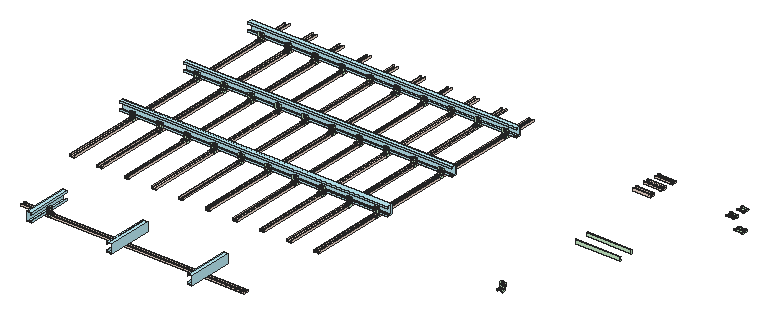
Revit family "adjust-soeru_c100", category 機械設備, Revit 2022
Family settings
  丸型コネクタ寸法 = 直径を使用
  種別 = なし
  パーツ タイプ = 標準
  作業面ベース = いいえ
  常に垂直 = はい
  ロード時にボイドで切り取り = いいえ
  注釈の向きを維持 = いいえ
  共有 = いいえ
  部屋計算ポイント = いいえ
Parameters
  製造元 = "株式会社桐井製作所"
  既定の高さ = 0 mm
  URL = "https://www.kirii.co.jp/"
  K_名称 = "KIRIIアジャストソエル（C100用）"
  K_バージョン情報 = "20240321"
Reference planes
  plane 1 "中心(正面/背面)": y = 0
  plane 2: z = 0
  plane 3 "中心(左/右)": x = 0
  plane 4: z = 19
Lines and regions (mm)
  model lines
    curve 1: line (3467.807, 3284.555, 0) -> (5693.268, 3284.555, 0)
    curve 2: line (5693.268, 2254.555, 0) -> (3467.807, 2254.555, 0)
    curve 3: line (3467.807, 3284.555, 0) -> (3467.807, 2254.555, 0)
    curve 4: line (3467.807, 2054.555, 0) -> (5217.807, 2054.555, 0)
    curve 5: line (5217.807, 1024.555, 0) -> (3467.807, 1024.555, 0)
    curve 6: line (3467.807, 2054.555, 0) -> (3467.807, 1024.555, 0)
    curve 7: line (5217.807, 2054.555, 0) -> (5217.807, 1024.555, 0)
    curve 8: line (3267.807, -1455.445, 0) -> (-432.193, -1455.445, 0)
    curve 9: line (-432.193, -425.445, 0) -> (-432.193, -1455.445, 0)
    curve 10: line (3267.807, -425.445, 0) -> (3267.807, -1455.445, 0)
    curve 11: line (3467.807, 824.555, 0) -> (5217.807, 824.555, 0)
    curve 12: line (5217.807, -205.445, 0) -> (3467.807, -205.445, 0)
    curve 13: line (3467.807, 824.555, 0) -> (3467.807, -205.445, 0)
    curve 14: line (5217.807, 824.555, 0) -> (5217.807, -205.445, 0)
    curve 15: line (5417.807, 2054.555, 0) -> (7167.807, 2054.555, 0)
    curve 16: line (7167.807, 1024.555, 0) -> (5417.807, 1024.555, 0)
    curve 17: line (5417.807, 2054.555, 0) -> (5417.807, 1024.555, 0)
    curve 18: line (7167.807, 2054.555, 0) -> (7167.807, 1024.555, 0)
    curve 19: line (5693.268, 3284.555, 0) -> (5693.268, 2254.555, 0)
    curve 20: line (-432.193, -425.445, -24.89) -> (3267.807, -425.445, -24.89)
Text (mm)
  text "アジャストソエル(支持構造部：C100×50×20×2.3)\n※『天井下地強度検討書(アジャストソエル)』の計算結果を参照し、天井仕様に反映下さい。" at (-488.376, 3567.466, 0), in view "{3D}"
  text "ジョイント等の施工規定については、施工要領書をご確認ください。\n●URL：アジャストソエル\nhttps://www.kirii.co.jp/download/dw/sekou/sekou_adjust-soeru.pdf" at (5569.627, -1592.172, 0), in view "{3D}"
  text "クリップ" at (3607.293, 687.828, 0), in view "{3D}"
  text "・アジャストソエル" at (3707.619, 505.328, 0), in view "{3D}"
  text "セルフドリリングビス" at (5557.293, 1917.828, 0), in view "{3D}"
  text "・KIRII耐震ビス\n（4.2×16)" at (5657.619, 1735.328, 0), in view "{3D}"
  text "補強野縁受け" at (3607.293, 1917.828, 0), in view "{3D}"
  text "・CC-19" at (3707.619, 1735.328, 0), in view "{3D}"
  text "・CC-25" at (3707.619, 1575.328, 0), in view "{3D}"
  text "野縁および使用するジョイント" at (3607.293, 3147.828, 0), in view "{3D}"
  text "隣り合うジョイント位置は1ｍ以上離して千鳥状に配置する。" at (3707.619, 2355.395, -0.101), in view "{3D}"
  text "・CW-25" at (3707.619, 2814.31, -0.101), in view "{3D}"
  text "・CW-19" at (3707.619, 2964.31, -0.101), in view "{3D}"
  text "・25型Wバー（0.8）" at (3707.619, 2663.06, -0.101), in view "{3D}"
  text "+CW-25用ジョイント" at (4627.619, 2814.31, -0.101), in view "{3D}"
  text "+CW-19用ジョイント" at (4627.619, 2964.31, -0.101), in view "{3D}"
  text "+25型Wバー（0.8）ジョイント" at (4627.619, 2663.06, -0.101), in view "{3D}"
  text "壁際の納まり" at (-273.195, -486.515, -4669.576), in view "{3D}"
  text "壁際の支持構造部は、C鋼の腹側が室内側を向くように配置する" at (-270.648, -1339.605, 5.03), in view "{3D}"
  text "壁際" at (91.852, -899.69, 5.03), in view "{3D}"
  text "・KIRII耐震ビス\n（4.8×25)" at (5657.619, 1515.328, 0), in view "{3D}"
  text "壁際の納まり" at (-273.195, -486.515, -29.573), in view "{3D}"
Dimensions and locks
  aligned and locked: level to plane 2
Nested families
  nested 1: "CW-19" at (68.432, 0, 0) x (0, 1, 0) z (0, 0, 1), type "CW-19"
    with K_長さ(mm) 3000 mm, K_JIS外 no, K_JIS yes
  nested 2: "CW-19" at (371.432, 0, 0) x (0, 1, 0) z (0, 0, 1), type "CW-19"
    with K_長さ(mm) 3000 mm, K_JIS外 no, K_JIS yes
  nested 3: "CW-19" at (674.432, 0, 0) x (0, 1, 0) z (0, 0, 1), type "CW-19"
    with K_長さ(mm) 3000 mm, K_JIS外 no, K_JIS yes
  nested 4: "CW-19" at (977.432, 0, 0) x (0, 1, 0) z (0, 0, 1), type "CW-19"
    with K_長さ(mm) 3000 mm, K_JIS外 no, K_JIS yes
  nested 5: "CW-19" at (1280.432, 0, 0) x (0, 1, 0) z (0, 0, 1), type "CW-19"
    with K_長さ(mm) 3000 mm, K_JIS外 no, K_JIS yes
  nested 6: "CW-19" at (1583.432, 0, 0) x (0, 1, 0) z (0, 0, 1), type "CW-19"
    with K_長さ(mm) 3000 mm, K_JIS外 no, K_JIS yes
  nested 7: "CW-19" at (1886.432, 0, 0) x (0, 1, 0) z (0, 0, 1), type "CW-19"
    with K_長さ(mm) 3000 mm, K_JIS外 no, K_JIS yes
  nested 8: "CW-19" at (2189.432, 0, 0) x (0, 1, 0) z (0, 0, 1), type "CW-19"
    with K_長さ(mm) 3000 mm, K_JIS外 no, K_JIS yes
  nested 9: "CW-19" at (2492.432, 0, 0) x (0, 1, 0) z (0, 0, 1), type "CW-19"
    with K_長さ(mm) 3000 mm, K_JIS外 no, K_JIS yes
  nested 10: "CW-19" at (2795.432, 0, 0) x (0, 1, 0) z (0, 0, 1), type "CW-19"
    with K_長さ(mm) 3000 mm, K_JIS外 no, K_JIS yes
  nested 11: "アジャストソエル" at (68.434, 2635.158, 22.55), type "アジャストソエル"
  nested 12: "アジャストソエル" at (371.434, 2635.158, 22.55), type "アジャストソエル"
  nested 13: "アジャストソエル" at (674.434, 2635.158, 22.55), type "アジャストソエル"
  nested 14: "アジャストソエル" at (977.434, 2635.158, 22.55), type "アジャストソエル"
  nested 15: "アジャストソエル" at (1280.434, 2635.158, 22.55), type "アジャストソエル"
  nested 16: "アジャストソエル" at (1583.434, 2635.158, 22.55), type "アジャストソエル"
  nested 17: "アジャストソエル" at (1886.434, 2635.158, 22.55), type "アジャストソエル"
  nested 18: "アジャストソエル" at (2189.434, 2635.158, 22.55), type "アジャストソエル"
  nested 19: "アジャストソエル" at (2492.434, 2635.158, 22.55), type "アジャストソエル"
  nested 20: "アジャストソエル" at (2795.434, 2635.158, 22.55), type "アジャストソエル"
  nested 21: "アジャストソエル" at (68.434, 1735.161, 22.55), type "アジャストソエル"
  nested 22: "アジャストソエル" at (371.434, 1735.161, 22.55), type "アジャストソエル"
  nested 23: "アジャストソエル" at (674.434, 1735.161, 22.55), type "アジャストソエル"
  nested 24: "アジャストソエル" at (977.434, 1735.161, 22.55), type "アジャストソエル"
  nested 25: "アジャストソエル" at (1280.434, 1735.161, 22.55), type "アジャストソエル"
  nested 26: "アジャストソエル" at (1583.434, 1735.161, 22.55), type "アジャストソエル"
  nested 27: "アジャストソエル" at (1886.434, 1735.161, 22.55), type "アジャストソエル"
  nested 28: "アジャストソエル" at (2189.434, 1735.161, 22.55), type "アジャストソエル"
  nested 29: "アジャストソエル" at (2492.434, 1735.161, 22.55), type "アジャストソエル"
  nested 30: "アジャストソエル" at (2795.434, 1735.161, 22.55), type "アジャストソエル"
  nested 31: "アジャストソエル" at (68.434, 837.961, 22.55), type "アジャストソエル"
  nested 32: "アジャストソエル" at (371.434, 837.961, 22.55), type "アジャストソエル"
  nested 33: "アジャストソエル" at (674.434, 837.961, 22.55), type "アジャストソエル"
  nested 34: "アジャストソエル" at (977.434, 837.961, 22.55), type "アジャストソエル"
  nested 35: "アジャストソエル" at (1280.434, 837.961, 22.55), type "アジャストソエル"
  nested 36: "アジャストソエル" at (1583.434, 837.961, 22.55), type "アジャストソエル"
  nested 37: "アジャストソエル" at (1886.434, 837.961, 22.55), type "アジャストソエル"
  nested 38: "アジャストソエル" at (2189.434, 837.961, 22.55), type "アジャストソエル"
  nested 39: "アジャストソエル" at (2492.434, 837.961, 22.55), type "アジャストソエル"
  nested 40: "アジャストソエル" at (2795.434, 837.961, 22.55), type "アジャストソエル"
  nested 41: "(JIS)100×50×20×2.3" at (-82.193, 2691.54, 135) x (0, -1, 0) z (1, 0, 0), type "(JIS)100×50×20×2.3"
    with K_長さ(mm) 3000 mm
  nested 42: "(JIS)100×50×20×2.3" at (-82.193, 1791.543, 135) x (0, -1, 0) z (1, 0, 0), type "(JIS)100×50×20×2.3"
    with K_長さ(mm) 3000 mm
  nested 43: "(JIS)100×50×20×2.3" at (-82.193, 894.343, 135) x (0, -1, 0) z (1, 0, 0), type "(JIS)100×50×20×2.3"
    with K_長さ(mm) 3000 mm
  nested 44: "CC-19" at (4954.307, 1698.555, 0) x (0, 1, 0) z (0, 0, 1), type "CC-19"
    with K_長さ(mm) 500 mm
  nested 45: "CC-25" at (4957.3, 1538.776, 0) x (0, 1, 0) z (0, 0, 1), type "CC-25"
    with K_長さ(mm) 500 mm
  nested 46: "CW-19用ジョイント" at (5227.658, 2913.211, 0), type "CW-19用ジョイント"
    with K_JIS外 no, K_JIS yes
  nested 47: "CW-25用ジョイント" at (5228.587, 2764.406, 0), type "CW-25用ジョイント"
    with K_JIS外 no, K_JIS yes
  nested 48: "CW-19" at (4262.587, 2912.277, 0), type "CW-19"
    with K_長さ(mm) 200 mm, K_JIS外 no, K_JIS yes
  nested 49: "CW-25" at (4262.587, 2764.406, 0), type "CW-25"
    with K_長さ(mm) 200 mm, K_JIS外 no, K_JIS yes
  nested 50: "25形Wバー(0.8)" at (4257.807, 2614.555, 0), type "25形Wバー(0.8)"
    with K_長さ(mm) 200 mm
  nested 51: "25形Wバー(0.8）ジョイント" at (5437.807, 2609.555, 0), type "25形Wバー(0.8）ジョイント"
  nested 52: "CW-19" at (257.807, -939.063, 0), type "CW-19"
    with K_長さ(mm) 2500 mm, K_JIS外 no, K_JIS yes
  nested 53: "アジャストソエル" at (2298.621, -939.065, 22.55) x (0, -1, 0) z (0, 0, 1), type "アジャストソエル"
  nested 54: "アジャストソエル" at (1398.625, -939.065, 22.55) x (0, -1, 0) z (0, 0, 1), type "アジャストソエル"
  nested 55: "(JIS)100×50×20×2.3" at (2355.003, -683.438, 135) x (-1, 0, 0) z (0, -1, 0), type "(JIS)100×50×20×2.3"
    with K_長さ(mm) 500 mm
  nested 56: "(JIS)100×50×20×2.3" at (1455.007, -683.438, 135) x (-1, 0, 0) z (0, -1, 0), type "(JIS)100×50×20×2.3"
    with K_長さ(mm) 500 mm
  nested 57: "アジャストソエル" at (564.189, -939.065, 22.55) x (0, -1, 0) z (0, 0, 1), type "アジャストソエル"
  nested 58: "(JIS)100×50×20×2.3" at (507.807, -683.438, 135) x (1, 0, 0) z (0, -1, 0), type "(JIS)100×50×20×2.3"
    with K_長さ(mm) 500 mm
  nested 59: "アジャストソエル" at (4484.528, 490.366, 22.55), type "アジャストソエル"
Definition of nested family "CW-19"
  Parameters (values of type "CW-19")
    Manufacturer = "株式会社桐井製作所"
    Default Elevation = 0 mm
    URL = "https://www.kirii.co.jp/"
    K_長さ(mm) [instance] = 1000 mm
    K_材質 = "SGCC　一般用"
    K_断面積A(mm2) = 49
    K_断面係数Zy(mm3) = 768.8
    K_断面係数Zx(mm3) = 184.8
    K_断面2次半径iy(mm) = 19.8
    K_断面2次半径ix(mm) = 7
    K_断面2次モーメントIy(mm4) = 19220
    K_断面2次モーメントIx(mm4) = 2395
    K_外形寸法(mm) = "19×50×0.5"
    K_品名 = "CW-19"
    K_名称 = "野縁"
    K_単位質量(kg/m) = 0.403
    K_ヤング係数E(N/mm2) = 205000
    K_バージョン情報 = "20210524"
    K_めっき付着量 = "Z12"
    K_JIS規格 = "JIS G 3302"
    K_JIS外 [instance] = not(K_JIS)  # no
    K_JIS [instance] = yes
  Reference planes
    plane 1 "中心(正面/背面)": y = 0
    plane 2: z = 0
    plane 3 "中心(左/右)": x = 0
    plane 4: x = 1000
    plane 5: y = 25
    plane 6: y = -25
    plane 7: z = 19
  Forms (mm)
    Extrusion 1, solid
      sketch origin (0, 0, 0) x (0, -1, 0) y (0, 0, 1)
        loop
          line (-25, 0) -> (-20.2, 0) -> (-19.052, 0.5) -> (-11.148, 0.5) -> (-10, 0) -> (10, 0) -> (11.148, 0.5) -> (19.052, 0.5) -> (20.2, 0) -> (25, 0) -> (25, 19) -> (21, 19) -> (21, 16.246) -> (21.5, 15.532) -> (21.5, 18.5) -> (24.5, 18.5) -> (24.5, 0.5) -> (20.304, 0.5) -> (19.156, 1) -> (11.044, 1) -> (9.896, 0.5) -> (-9.896, 0.5) -> (-11.044, 1) -> (-19.156, 1) -> (-20.304, 0.5) -> (-24.5, 0.5) -> (-24.5, 18.5) -> (-21.5, 18.5) -> (-21.5, 15.532) -> (-21, 16.246) -> (-21, 19) -> (-25, 19) -> (-25, 0)
      from 0 to -1000
    Extrusion 2, void
      sketch origin (0, 0, 0) x (0, 1, 0) y (0, 0, 1)
        loop
          line (-21.893, 16.282) -> (-21.893, 14.539) -> (22.033, 14.539) -> (22.033, 16.282) -> (-21.893, 16.282)
      from 0 to 1000
  Cuts and joins
    Extrusion 2 cuts Extrusion 1
  Dimensions and locks
    "K_長さ(mm)": plane 3 "中心(左/右)" to plane 4
    aligned and locked: level to plane 2
    aligned and locked: plane 4 to Extrusion 1
    aligned and locked: Extrusion 1 to Extrusion 2
    aligned and locked: Extrusion 2 to plane 3 "中心(左/右)"
  Automatic sketch dimensions
    plane 6 to Extrusion 2 sketch curve = 3.107 mm
    Extrusion 2 sketch curve to plane 5 = 2.967 mm
    Extrusion 2 sketch curve to Extrusion 2 sketch curve = 1.744 mm
    Extrusion 2 sketch curve to plane 7 = 4.461 mm
    Extrusion 1 sketch curve to level = 0 mm  (x3)
    Extrusion 1 sketch curve to plane 5 = 0 mm
    Extrusion 1 sketch curve to plane 6 = 0 mm
    Extrusion 1 sketch curve to plane 5 = 0.5 mm
    Extrusion 1 sketch curve to plane 5 = 3.5 mm
    Extrusion 1 sketch curve to Extrusion 1 sketch curve = 0.5 mm  (x2)
    level to Extrusion 1 sketch curve = 0.5 mm  (x5)
    Extrusion 1 sketch curve to Extrusion 1 sketch curve = 4.196 mm
    Extrusion 1 sketch curve to Extrusion 1 sketch curve = 0.104 mm  (x8)
    level to Extrusion 1 sketch curve = 1 mm  (x2)
    Extrusion 1 sketch curve to Extrusion 1 sketch curve = 1.148 mm  (x4)
    Extrusion 1 sketch curve to Extrusion 1 sketch curve = 7.903 mm
    plane 1 "中心(正面/背面)" to Extrusion 1 sketch curve = 9.896 mm
    plane 6 to Extrusion 1 sketch curve = 5.948 mm
    plane 6 to Extrusion 1 sketch curve = 4 mm
    plane 6 to Extrusion 1 sketch curve = 0.5 mm
    Extrusion 1 sketch curve to plane 7 = 3.468 mm  (x2)
    Extrusion 1 sketch curve to Extrusion 1 sketch curve = 0.714 mm  (x2)
    Extrusion 1 sketch curve to plane 7 = 0.5 mm  (x2)
    Extrusion 1 sketch curve to plane 7 = 0 mm  (x2)
Definition of nested family "アジャストソエル"
  Parameters (values of type "アジャストソエル")
    Manufacturer = "株式会社桐井製作所"
    Default Elevation = 0 mm
    URL = "https://www.kirii.co.jp/"
    K_許容荷重(鉛直)(N) = 1100
    K_許容荷重(水平)(N) = 370
    K_品名 = "アジャストソエル"
    K_名称 = "野縁直付天井用クリップ"
    K_入数 = "50"
    K_バージョン情報 = "20211216"
  Reference planes
    plane 1 "中心(正面/背面)": y = 0
    plane 2: z = 0
    plane 3 "中心(左/右)": x = 0
  Forms (mm)
    Extrusion 1, solid
      sketch origin (0, 0, 0) x (0, 1, 0) y (0, 0, 1)
        loop
          arc (-1.7, -2.3) -> (1.128, -1.128) -> (2.3, 1.7) r 4
          line (2.3, 1.7) -> (2.3, 62.7) -> (0, 62.7) -> (0, 1.7)
          arc (0, 1.7) -> (-0.498, 0.498) -> (-1.7, 0) r 1.7
          line (-1.7, 0) -> (-42, 0) -> (-42, -2.3) -> (-1.7, -2.3)
      from -25 to 25
    Extrusion 2, solid
      sketch origin (0, 0, -2.3) x (1, 0, 0) y (0, 0, 1)
        loop
          line (-25.25, -17.7) -> (-25.25, 0) -> (25.25, 0) -> (25.25, -17.7) -> (27.55, -17.7) -> (27.55, -0.2)
          arc (27.55, -0.2) -> (26.818, 1.568) -> (25.05, 2.3) r 2.5
          line (25.05, 2.3) -> (-25.05, 2.3)
          arc (-25.05, 2.3) -> (-26.818, 1.568) -> (-27.55, -0.2) r 2.5
          line (-27.55, -0.2) -> (-27.55, -17.7) -> (-25.25, -17.7)
      from 2 to 42
    Extrusion 3, void
      sketch origin (0, 0, 0) x (1, 0, 0) y (0, 0, 1)
        loop
          line (-22.045, 62.7) -> (-25, 62.7) -> (-25, 59.7)
          arc (-25, 59.7) -> (-24.137, 61.806) -> (-22.045, 62.7) r 3
      from -2.3 to 0
    Extrusion 4, void
      sketch origin (0, 0, 0) x (1, 0, 0) y (0, 0, 1)
        loop
          line (25, 59.7) -> (25, 62.7) -> (22, 62.7)
          arc (22, 62.7) -> (24.121, 61.821) -> (25, 59.7) r 3
      from -2.3 to 0
    Extrusion 5, void
      sketch origin (0, 0, 0) x (1, 0, 0) y (0, 0, 1)
        loop
          arc (3.251, 52.698) -> (0.001, 55.948) -> (-3.249, 52.698) r 3.25
          line (-3.249, 52.698) -> (-3.249, 37.697)
          arc (-3.249, 37.697) -> (-0.05, 34.448) -> (3.251, 37.593) r 3.25
          line (3.251, 37.593) -> (3.251, 52.698)
        loop
          circle (0.004, 25.698) r 2.25
        loop
          circle (0.005, 12.698) r 2.25
      from -2.3 to 0
    Extrusion 6, void
      sketch origin (52.8, 0, 0) x (0, 1, 0) y (0, 0, 1)
        loop
          line (-42, -10) -> (-42, -20) -> (-32, -20) -> (-42, -10)
      from -27.55 to -25.25
    Extrusion 7, void
      sketch origin (52.8, 0, 0) x (0, 1, 0) y (0, 0, 1)
        loop
          line (-2, -20) -> (-2, -17)
          arc (-2, -17) -> (-2.879, -19.121) -> (-5, -20) r 3
          line (-5, -20) -> (-2, -20)
      from -27.55 to -25.25
    Extrusion 8, void
      sketch origin (0, 0, 0) x (0, 1, 0) y (0, 0, 1)
        loop
          line (-42, -10) -> (-42, -20) -> (-32, -20) -> (-42, -10)
      from -27.55 to -25.25
    Extrusion 9, void
      sketch origin (0, 0, 0) x (0, 1, 0) y (0, 0, 1)
        loop
          line (-2, -20) -> (-2, -17)
          arc (-2, -17) -> (-2.879, -19.121) -> (-5, -20) r 3
          line (-5, -20) -> (-2, -20)
      from -27.55 to -25.25
    Extrusion 10, void
      sketch origin (0, 0, 0) x (0, 1, 0) y (0, 0, 1)
        loop
          circle (-12, -9.1) r 2.25
      from -27.55 to -25.25
    Extrusion 11, void
      sketch origin (52.8, 0, 0) x (0, 1, 0) y (0, 0, 1)
        loop
          circle (-12, -9.1) r 2.25
      from -27.55 to -25.25
    Extrusion 12, void
      sketch origin (0, 0, 0) x (1, 0, 0) y (0, 1, 0)
        loop
          circle (0, -22) r 3.5
      from -2.3 to 0
    Extrusion 13, solid
      sketch origin (-152.832, -91.241, 38.712) x (1, 0, 0) y (0, 1, 0)
        loop
          arc (127.931, 97.991) -> (125.669, 97.053) -> (124.731, 94.791) r 3.2
          line (124.731, 94.791) -> (124.731, 84.49) -> (126.331, 84.49) -> (126.331, 94.791)
          arc (126.331, 94.791) -> (126.8, 95.922) -> (127.931, 96.391) r 1.6
          line (127.931, 96.391) -> (177.731, 96.391)
          arc (177.731, 96.391) -> (178.863, 95.922) -> (179.331, 94.791) r 1.6
          line (179.331, 94.791) -> (179.331, 84.49) -> (180.931, 84.49) -> (180.931, 94.791)
          arc (180.931, 94.791) -> (179.994, 97.053) -> (177.731, 97.991) r 3.2
          line (177.731, 97.991) -> (127.931, 97.991)
      from -22 to 22
    Extrusion 14, void
      sketch origin (-152.832, 0, 0) x (1, 0, 0) y (0, 0, 1)
        loop
          line (179.331, 35.912) -> (126.331, 35.912) -> (126.331, 16.712) -> (179.331, 16.712) -> (179.331, 35.912)
      from -6.75 to -5.15
    Extrusion 15, solid
      sketch origin (-152.832, 0, 0) x (1, 0, 0) y (0, 0, 1)
        loop
          circle (152.832, 52.715) r 4
        loop
          circle (152.832, 52.715) r 3
      from -7.95 to -5.15
    Extrusion 16, void
      sketch origin (-152.832, 0, 0) x (1, 0, 0) y (0, 0, 1)
        loop
          circle (152.832, 52.715) r 3
      from -6.75 to -5.15
    Extrusion 17, solid
      sketch origin (-0.019, -22.149, 103.153) x (1, 0, 0) y (0, 0, 1)
        loop
          arc (-18.445, -106.391) -> (-18.933, -106.494) -> (-19.329, -106.797) r 1.133
          line (-19.329, -106.797) -> (-19.911, -107.458)
          arc (-19.911, -107.458) -> (-20.243, -107.711) -> (-20.65, -107.801) r 0.967
          arc (-20.65, -107.801) -> (-21.066, -107.676) -> (-21.343, -107.342) r 0.753
          line (-21.343, -107.342) -> (-22.508, -104.601) -> (-23.583, -105.138) -> (-22.448, -107.811)
          arc (-22.448, -107.811) -> (-21.728, -108.677) -> (-20.65, -109.001) r 1.953
          arc (-20.65, -109.001) -> (-19.744, -108.802) -> (-19.004, -108.243) r 2.167
          line (-19.004, -108.243) -> (-18.429, -107.591) -> (18.47, -107.591) -> (19.042, -108.239)
          arc (19.042, -108.239) -> (19.782, -108.798) -> (20.688, -108.996) r 2.167
          arc (20.688, -108.996) -> (21.766, -108.672) -> (22.485, -107.806) r 1.953
          line (22.485, -107.806) -> (23.621, -105.132) -> (22.545, -104.596) -> (21.381, -107.337)
          arc (21.381, -107.337) -> (21.103, -107.671) -> (20.688, -107.796) r 0.753
          arc (20.688, -107.796) -> (20.281, -107.706) -> (19.949, -107.453) r 0.967
          line (19.949, -107.453) -> (19.367, -106.793)
          arc (19.367, -106.793) -> (18.932, -106.473) -> (18.399, -106.391) r 1.133
          line (18.399, -106.391) -> (-18.445, -106.391)
      from -17.649 to 17.351
    Extrusion 18, void
      sketch origin (0, 182.851, 103.153) x (1, 0, 0) y (0, 1, 0)
        loop
          line (19.556, -207.85) -> (0, -222.351) -> (23.602, -222.351) -> (23.602, -199.817)
          arc (23.602, -199.817) -> (22.532, -204.314) -> (19.556, -207.85) r 10
        loop
          line (-19.556, -201.853) -> (0, -187.351) -> (-23.602, -187.351) -> (-23.602, -209.885)
          arc (-23.602, -209.885) -> (-22.532, -205.389) -> (-19.556, -201.853) r 10
      from -109.407 to -104.239
    Extrusion 19, void
      sketch origin (0, 182.851, 104.091) x (1, 0, 0) y (0, 1, 0)
        loop
          circle (0, -204.851) r 3
      from -107.586 to -106.386
    Extrusion 20, solid
      sketch origin (-152.832, 0, 0) x (0, 1, 0) y (0, 0, 1)
        loop
          arc (8.35, 34.3) -> (7.219, 34.769) -> (6.75, 35.9) r 1.6
          line (6.75, 35.9) -> (6.75, 60.712) -> (5.15, 60.712) -> (5.15, 35.9)
          arc (5.15, 35.9) -> (5.579, 34.3) -> (6.75, 33.129) r 3.2
          arc (6.75, 33.129) -> (7.668, 32.774) -> (8.65, 32.714) r 3.2
          line (8.65, 32.714) -> (8.65, 19.1) -> (10.25, 19.1) -> (10.25, 32.3)
          arc (10.25, 32.3) -> (9.664, 33.714) -> (8.25, 34.3) r 2
      from 127.934 to 177.598
    Extrusion 21, void
      sketch origin (0, 0, 0) x (1, 0, 0) y (0, 0, 1)
        loop
          line (3.5, 19.1) -> (3.5, 35.912) -> (-3.5, 35.912) -> (-3.5, 19.1) -> (3.5, 19.1)
      from -10.25 to -5.15
  Cuts and joins
    Extrusion 3, Extrusion 4, Extrusion 5, Extrusion 6, Extrusion 7, Extrusion 8, Extrusion 9, Extrusion 11, Extrusion 12 cuts Extrusion 1
    Extrusion 4, Extrusion 5, Extrusion 6, Extrusion 7, Extrusion 8, Extrusion 9, Extrusion 10, Extrusion 11, Extrusion 12 cuts Extrusion 2
    joined: Extrusion 1, Extrusion 2
    Extrusion 14, Extrusion 16 cuts Extrusion 13
    Extrusion 16 cuts Extrusion 15
    Extrusion 18, Extrusion 19 cuts Extrusion 17
    Extrusion 21 cuts Extrusion 20
  Dimensions and locks
    aligned and locked: level to plane 2
  Nested families
    nested 1: "トリーマセムス(首下15mm)" at (0, 0, 52.896) x (-1, 0, 0) z (0, 0, 1), type "トリーマセムス(首下15mm)"
    nested 2: "トリーマセムス(首下15mm)" at (0, -22.2, -0.003) x (-1, 0, 0) z (0, -1, 0.0001), type "トリーマセムス(首下15mm)"
  Definition of nested family "トリーマセムス(首下15mm)"
    Parameters (values of type "トリーマセムス(首下15mm)")
      Manufacturer = "株式会社桐井製作所"
      Default Elevation = 0 mm
      URL = "https://www.kirii.co.jp/"
      K_名称 = "トリーマセムス(首下15mm)"
    Reference planes
      plane 1 "中心(正面/背面)": y = 0
      plane 2: z = 0
      plane 3 "中心(左/右)": x = 0
      plane 4 "正面": y = -4
    Forms (mm)
      Extrusion 1, solid
        sketch origin (0, 0, 0) x (1, 0, 0) y (0, 0, 1)
          loop
            line (-4.763, -2.946) -> (0, -5.696) -> (4.763, -2.946) -> (4.763, 2.554) -> (0, 5.304) -> (-4.763, 2.554) -> (-4.763, -2.946)
        from 0 to 4
      Extrusion 2, void
        sketch origin (0, -4, 0) x (-1, 0, 0) y (0, 0, 1)
          loop
            circle (0, -0.156) r 4.396
        from 0 to 1
      Extrusion 3, void
        sketch origin (0, -4, 0) x (-1, 0, 0) y (0, 0, 1)
          loop
            arc (-0.6, 1.814) -> (-1.069, 0.856) -> (-2.036, 0.404) r 1.605
            line (-2.036, 0.404) -> (-2.939, 0.404)
            arc (-2.939, 0.404) -> (-3, -0.195) -> (-2.94, -0.795) r 3
            line (-2.94, -0.795) -> (-2.049, -0.795)
            arc (-2.049, -0.795) -> (-1.074, -1.243) -> (-0.6, -2.206) r 1.605
            line (-0.6, -2.206) -> (-0.6, -3.135)
            arc (-0.6, -3.135) -> (0, -3.196) -> (0.6, -3.135) r 3
            line (0.6, -3.135) -> (0.6, -2.206)
            arc (0.6, -2.206) -> (1.074, -1.243) -> (2.049, -0.795) r 1.605
            line (2.049, -0.795) -> (2.94, -0.795)
            arc (2.94, -0.795) -> (3, -0.198) -> (2.941, 0.398) r 3
            line (2.941, 0.398) -> (2.117, 0.398)
            arc (2.117, 0.398) -> (1.098, 0.828) -> (0.6, 1.814) r 1.605
            line (0.6, 1.814) -> (0.6, 2.743)
            arc (0.6, 2.743) -> (0, 2.804) -> (-0.6, 2.743) r 3
            line (-0.6, 2.743) -> (-0.6, 1.814)
        from 0 to 2
      Extrusion 4, solid
        sketch origin (0, 0, 0) x (1, 0, 0) y (0, 0, 1)
          loop
            circle (-0.011, -0.2) r 3
        from 0 to -15
    Cuts and joins
      Extrusion 2, Extrusion 3 cuts Extrusion 1
      joined: Extrusion 1, Extrusion 4
    Dimensions and locks
      aligned and locked: level to plane 2
Definition of nested family "(JIS)100×50×20×2.3"
  Parameters (values of type "(JIS)100×50×20×2.3")
    Manufacturer = "株式会社桐井製作所"
    Default Elevation = 0 mm
    URL = "https://www.kirii.co.jp/"
    K_長さ(mm) [instance] = 1000 mm
    K_材質 = "SSC400"
    K_断面積A(mm2) = 517.2
    K_断面係数Zy(mm3) = 6058
    K_断面係数Zx(mm3) = 16130
    K_断面2次半径iy(mm) = 19.2
    K_断面2次半径ix(mm) = 39.5
    K_断面2次モーメントIy(mm4) = 190000
    K_断面2次モーメントIx(mm4) = 806900
    K_外形寸法(mm) = "100×50×20×2.3"
    K_品名 = "(JIS)100×50×20×2.3"
    K_名称 = "補強材"
    K_単位質量(kg/m) = 4.101
    K_ヤング係数E(N/mm2) = 205000
    K_バージョン情報 = "20210524"
    K_めっき付着量 = "Z12"
    K_JIS規格 = "JIS G 3350"
  Reference planes
    plane 1 "中心(正面/背面)": y = 0
    plane 2: z = 0
    plane 3 "中心(左/右)": x = 0
    plane 4: z = 1000
    plane 5: y = 100
  Forms (mm)
    Extrusion 1, solid
      sketch origin (0, 0, 0) x (1, 0, 0) y (0, 1, 0)
        loop
          line (0, 0) -> (50, 0) -> (50, 20) -> (47.7, 20) -> (47.7, 2.3) -> (2.3, 2.3) -> (2.3, 97.7) -> (47.7, 97.7) -> (47.7, 80) -> (50, 80) -> (50, 100) -> (0, 100) -> (0, 0)
      from 0 to 1000
  Dimensions and locks
    "K_長さ(mm)": plane 4 to plane 2
    aligned and locked: level to plane 2
    aligned and locked: plane 4 to Extrusion 1
    aligned and locked: plane 5 to Extrusion 1  (x2)
  Automatic sketch dimensions
    Extrusion 1 sketch curve to plane 3 "中心(左/右)" = 0 mm
    plane 1 "中心(正面/背面)" to Extrusion 1 sketch curve = 0 mm
    plane 3 "中心(左/右)" to Extrusion 1 sketch curve = 2.3 mm
    Extrusion 1 sketch curve to plane 1 "中心(正面/背面)" = 20 mm
    Extrusion 1 sketch curve to Extrusion 1 sketch curve = 45.4 mm  (x2)
    Extrusion 1 sketch curve to Extrusion 1 sketch curve = 2.3 mm  (x3)
    Extrusion 1 sketch curve to plane 1 "中心(正面/背面)" = 2.3 mm
    Extrusion 1 sketch curve to Extrusion 1 sketch curve = 60 mm
    Extrusion 1 sketch curve to Extrusion 1 sketch curve = 17.7 mm
Definition of nested family "CC-19"
  Parameters (values of type "CC-19")
    Manufacturer = "株式会社桐井製作所"
    Default Elevation = 0 mm
    URL = "https://www.kirii.co.jp/"
    K_長さ(mm) [instance] = 1000 mm
    K_材質 = "SGHC　一般用"
    K_断面積A(mm2) = 69
    K_断面係数Zy(mm3) = 91.5
    K_断面係数Zx(mm3) = 704.2
    K_断面2次半径iy(mm) = 3.5
    K_断面2次半径ix(mm) = 13.9
    K_断面2次モーメントIy(mm4) = 835.4
    K_断面2次モーメントIx(mm4) = 13380
    K_外形寸法(mm) = "38×12×1.2"
    K_品名 = "CC-19"
    K_名称 = "野縁受け"
    K_単位質量(kg/m) = 0.553
    K_ヤング係数E(N/mm2) = 205000
    K_バージョン情報 = "20210524"
    K_めっき付着量 = "Z12"
    K_JIS規格 = "JIS G 3302"
    K_JIS外 = not(K_JIS)  # no
    K_JIS = yes
  Reference planes
    plane 1 "中心(正面/背面)": y = 0
    plane 2: z = 0
    plane 3 "中心(左/右)": x = 0
    plane 4: y = 1000
    plane 5: z = 38
  Forms (mm)
    Extrusion 1, solid
      sketch origin (12, 0, 0) x (1, 0, 0) y (0, 0, 1)
        loop
          line (0, 38) -> (-12, 38) -> (-12, 0) -> (0, 0) -> (0, 1.2) -> (-10.8, 1.2) -> (-10.8, 36.8) -> (0, 36.8) -> (0, 38)
      from 0 to -1000
  Dimensions and locks
    "K_長さ(mm)": plane 1 "中心(正面/背面)" to plane 4
    aligned and locked: level to plane 2
    aligned and locked: Extrusion 1 to plane 4
  Automatic sketch dimensions
    Extrusion 1 sketch curve to plane 3 "中心(左/右)" = 0 mm
    Extrusion 1 sketch curve to plane 5 = 0 mm
    Extrusion 1 sketch curve to level = 0 mm
    level to Extrusion 1 sketch curve = 1.2 mm
    plane 3 "中心(左/右)" to Extrusion 1 sketch curve = 1.2 mm
    Extrusion 1 sketch curve to Extrusion 1 sketch curve = 1.2 mm
    Extrusion 1 sketch curve to Extrusion 1 sketch curve = 10.8 mm  (x2)
Definition of nested family "CC-25"
  Parameters (values of type "CC-25")
    Manufacturer = "株式会社桐井製作所"
    Default Elevation = 0 mm
    URL = "https://www.kirii.co.jp/"
    K_長さ(mm) [instance] = 1000 mm
    K_材質 = "SGHC　一般用"
    K_断面積A(mm2) = 91.1
    K_断面係数Zy(mm3) = 118.5
    K_断面係数Zx(mm3) = 910
    K_断面2次半径iy(mm) = 3.4
    K_断面2次半径ix(mm) = 13.8
    K_断面2次モーメントIy(mm4) = 1066
    K_断面2次モーメントIx(mm4) = 17290
    K_外形寸法(mm) = "38×12×1.6"
    K_品名 = "CC-25"
    K_名称 = "野縁受け"
    K_単位質量(kg/m) = 0.725
    K_ヤング係数E(N/mm2) = 205000
    K_バージョン情報 = "20210524"
    K_めっき付着量 = "Z12"
    K_JIS規格 = "JIS G 3302"
    K_JIS外 = not(K_JIS)  # no
    K_JIS = yes
  Reference planes
    plane 1 "中心(正面/背面)": y = 0
    plane 2: z = 0
    plane 3 "中心(左/右)": x = 0
    plane 4: y = 1000
    plane 5: x = 12
    plane 6: z = 38
  Forms (mm)
    Extrusion 1, solid
      sketch origin (12, 0, 0) x (1, 0, 0) y (0, 0, 1)
        loop
          line (0, 38) -> (-12, 38) -> (-12, 0) -> (0, 0) -> (0, 1.6) -> (-10.4, 1.6) -> (-10.4, 36.4) -> (0, 36.4) -> (0, 38)
      from 0 to -1000
  Dimensions and locks
    "K_長さ(mm)": plane 1 "中心(正面/背面)" to plane 4
    aligned and locked: level to plane 2
    aligned and locked: Extrusion 1 to plane 4
  Automatic sketch dimensions
    Extrusion 1 sketch curve to plane 3 "中心(左/右)" = 0 mm
    plane 5 to Extrusion 1 sketch curve = 0 mm  (x2)
    Extrusion 1 sketch curve to plane 6 = 0 mm
    Extrusion 1 sketch curve to level = 0 mm
    level to Extrusion 1 sketch curve = 1.6 mm
    plane 3 "中心(左/右)" to Extrusion 1 sketch curve = 1.6 mm
    Extrusion 1 sketch curve to Extrusion 1 sketch curve = 1.6 mm
Definition of nested family "CW-19用ジョイント"
  Parameters (values of type "CW-19用ジョイント")
    Manufacturer = "株式会社桐井製作所"
    Default Elevation = 0 mm
    URL = "https://www.kirii.co.jp/"
    K_材質 = "SGCC　一般用"
    K_品名 = "CW-19用ジョイント"
    K_名称 = "野縁ジョイント"
    K_単位質量(kg/個) = 0.029
    K_入数 = "200"
    K_バージョン情報 = "20210524"
    K_めっき付着量 = "Z12"
    K_JIS規格 = "JIS G 3302"
    K_JIS外 [instance] = not(K_JIS)  # no
    K_JIS [instance] = yes
  Reference planes
    plane 1 "中心(正面/背面)": y = 0
    plane 2: z = 0
    plane 3 "中心(左/右)": x = 0
  Forms (mm)
    Extrusion 1, solid
      sketch origin (0, 0, 0) x (0, 1, 0) y (0, 0, 1)
        loop
          line (20.385, 4.53) -> (-20.385, 4.53) -> (-21.352, 1.547)
          arc (-21.352, 1.547) -> (-22.967, 0.546) -> (-24.22, 1.976) r 1.47
          line (-24.22, 1.976) -> (-24.459, 16.547) -> (-25, 17.191) -> (-24.75, 1.967)
          arc (-24.75, 1.967) -> (-23.046, 0.022) -> (-20.847, 1.384) r 2
          line (-20.847, 1.384) -> (-20, 4) -> (20, 4) -> (20.847, 1.384)
          arc (20.847, 1.384) -> (23.046, 0.022) -> (24.75, 1.967) r 2
          line (24.75, 1.967) -> (25, 17.191) -> (24.459, 16.547) -> (24.22, 1.976)
          arc (24.22, 1.976) -> (22.967, 0.546) -> (21.352, 1.547) r 1.47
          line (21.352, 1.547) -> (20.385, 4.53)
      from -42.5 to 42.5
    Extrusion 2, solid
      sketch origin (0, -13.587, -0.882) x (0, 0.997137, -0.075613) y (0, 0.075613, 0.997137)
        loop
          arc (-12.378, 13.168) -> (-15.089, 9.905) -> (-11.826, 7.194) r 3
          line (-11.826, 7.194) -> (-12.378, 13.168)
      from -0.5 to 0
    Extrusion 3, void
      sketch origin (0, -13.071, 0.1) x (1, 0, 0) y (0, -0.008054, 0.999968)
        loop
          arc (0, 7.2) -> (3, 10.2) -> (0, 13.2) r 3
          line (0, 13.2) -> (0, 7.2)
      from 11 to 12
    Extrusion 4, void
      sketch origin (0, 0, 0) x (1, 0, 0) y (0, 0, 1)
        loop
          line (31.511, 17.191) -> (41.4, 9.1)
          arc (41.4, 9.1) -> (42.211, 8.063) -> (42.5, 6.778) r 3
          line (42.5, 6.778) -> (42.5, 17.191) -> (31.511, 17.191)
        loop
          line (-42.5, 17.191) -> (-42.5, 6.778)
          arc (-42.5, 6.778) -> (-42.211, 8.063) -> (-41.4, 9.1) r 3
          line (-41.4, 9.1) -> (-31.511, 17.191) -> (-42.5, 17.191)
      from -26 to 26
  Cuts and joins
    Extrusion 3, Extrusion 4 cuts Extrusion 1
    joined: Extrusion 1, Extrusion 2
  Dimensions and locks
    aligned and locked: level to plane 2
Definition of nested family "CW-25用ジョイント"
  Parameters (values of type "CW-25用ジョイント")
    Manufacturer = "株式会社桐井製作所"
    Default Elevation = 0 mm
    URL = "https://www.kirii.co.jp/"
    K_材質 = "SGCC　一般用"
    K_品名 = "CW-25用ジョイント"
    K_名称 = "野縁ジョイント"
    K_単位質量(kg/個) = 0.037
    K_入数 = "160"
    K_バージョン情報 = "20210524"
    K_めっき付着量 = "Z12"
    K_JIS規格 = "JIS G 3302"
    K_JIS外 [instance] = not(K_JIS)  # no
    K_JIS [instance] = yes
  Reference planes
    plane 1 "中心(正面/背面)": y = 0
    plane 2: z = 0
    plane 3 "中心(左/右)": x = 0
  Forms (mm)
    Extrusion 1, solid
      sketch origin (0, 0, 0.154) x (0, 1, 0) y (0, 0, 1)
        loop
          line (-17.76, 3.009) -> (0, 3.009) -> (17.76, 3.009)
          arc (17.76, 3.009) -> (21.125, 0.011) -> (24.25, 3.259) r 3.25
          line (24.25, 3.259) -> (26, 22.64) -> (25.448, 22.088) -> (23.702, 2.745)
          arc (23.702, 2.745) -> (20.955, 0.509) -> (18.283, 2.833) r 2.75
          arc (18.283, 2.833) -> (18.013, 3.317) -> (17.493, 3.509) r 0.8
          line (17.493, 3.509) -> (0, 3.509) -> (-17.493, 3.509)
          arc (-17.493, 3.509) -> (-18.013, 3.317) -> (-18.283, 2.833) r 0.8
          arc (-18.283, 2.833) -> (-20.955, 0.509) -> (-23.702, 2.745) r 2.75
          line (-23.702, 2.745) -> (-25.449, 22.093) -> (-26.001, 22.645) -> (-24.25, 3.259)
          arc (-24.25, 3.259) -> (-21.125, 0.011) -> (-17.76, 3.009) r 3.25
      from -46 to 46
    Extrusion 2, solid
      sketch origin (0.25, -13.587, -0.748) x (0, 0.997137, -0.075613) y (0, 0.075613, 0.997137)
        loop
          arc (-13.166, 16.596) -> (-15.63, 13.142) -> (-12.176, 10.678) r 3
          line (-12.176, 10.678) -> (-13.166, 16.596)
      from -0.5 to 0
    Extrusion 3, void
      sketch origin (-0.27, -13.382, 23.939) x (-1, 0, 0) y (0, -0.008054, -0.999968)
        loop
          arc (-0.02, 7.239) -> (2.974, 10.239) -> (-0.02, 13.239) r 3
          line (-0.02, 13.239) -> (-0.02, 7.239)
      from 10.527 to 12.242
    Extrusion 4, void
      sketch origin (0, 0, 0) x (1, 0, 0) y (0, 0, 1)
        loop
          arc (44.462, 18.434) -> (45.58, 17.513) -> (46, 16.126) r 2.5
          line (46, 16.126) -> (46, 22.793) -> (33, 22.793)
          arc (33, 22.793) -> (33.981, 22.696) -> (34.923, 22.408) r 5
          line (34.923, 22.408) -> (44.462, 18.434)
        loop
          arc (-34.923, 22.408) -> (-33.981, 22.696) -> (-33, 22.793) r 5
          line (-33, 22.793) -> (-46, 22.793) -> (-46, 16.126)
          arc (-46, 16.126) -> (-45.58, 17.513) -> (-44.462, 18.434) r 2.5
          line (-44.462, 18.434) -> (-34.923, 22.408)
      from -26.529 to 26.374
  Cuts and joins
    Extrusion 3, Extrusion 4 cuts Extrusion 1
    joined: Extrusion 1, Extrusion 2
  Dimensions and locks
    aligned and locked: level to plane 2
Definition of nested family "CW-25"
  Parameters (values of type "CW-25")
    Manufacturer = "株式会社桐井製作所"
    Default Elevation = 0 mm
    URL = "https://www.kirii.co.jp/"
    K_長さ(mm) [instance] = 1000 mm
    K_材質 = "SGCC　一般用"
    K_断面積A(mm2) = 55
    K_断面係数Zy(mm3) = 921.6
    K_断面係数Zx(mm3) = 276.5
    K_断面2次半径iy(mm) = 20.5
    K_断面2次半径ix(mm) = 9.1
    K_断面2次モーメントIy(mm4) = 23040
    K_断面2次モーメントIx(mm4) = 4578
    K_外形寸法(mm) = "25×50×0.5"
    K_品名 = "CW-25"
    K_名称 = "野縁"
    K_単位質量(kg/m) = 0.452
    K_ヤング係数E(N/mm2) = 205000
    K_バージョン情報 = "20210524"
    K_めっき付着量 = "Z12"
    K_JIS規格 = "JIS G 3302"
    K_JIS外 [instance] = not(K_JIS)  # no
    K_JIS [instance] = yes
  Reference planes
    plane 1 "中心(正面/背面)": y = 0
    plane 2: z = 0
    plane 3 "中心(左/右)": x = 0
    plane 4: x = 1000
    plane 5: z = 25
    plane 6: y = 25
    plane 7: y = -25
  Forms (mm)
    Extrusion 1, solid
      sketch origin (0, 0, 0) x (0, -1, 0) y (0, 0, 1)
        loop
          line (-25, 0) -> (-20.2, 0) -> (-19.052, 0.5) -> (-11.148, 0.5) -> (-10, 0) -> (10, 0) -> (11.148, 0.5) -> (19.052, 0.5) -> (20.2, 0) -> (25, 0) -> (25, 25) -> (21, 25) -> (21, 22.3) -> (21.5, 21.586) -> (21.5, 24.5) -> (24.5, 24.5) -> (24.5, 0.5) -> (20.304, 0.5) -> (19.156, 1) -> (11.044, 1) -> (9.896, 0.5) -> (-9.896, 0.5) -> (-11.044, 1) -> (-19.156, 1) -> (-20.304, 0.5) -> (-24.5, 0.5) -> (-24.5, 24.5) -> (-21.5, 24.5) -> (-21.5, 21.586) -> (-21, 22.3) -> (-21, 25) -> (-25, 25) -> (-25, 0)
      from 0 to -1000
    Extrusion 2, void
      sketch origin (0, 0, 0) x (0, 1, 0) y (0, 0, 1)
        loop
          line (-21.893, 22.336) -> (-21.893, 20.592) -> (22.033, 20.592) -> (22.033, 22.336) -> (-21.893, 22.336)
      from 0 to 1000
  Cuts and joins
    Extrusion 2 cuts Extrusion 1
  Dimensions and locks
    plane 5 to level = 25 mm
    "K_長さ(mm)": plane 3 "中心(左/右)" to plane 4
    aligned and locked: level to plane 2
    aligned and locked: plane 4 to Extrusion 1
    aligned and locked: Extrusion 1 to Extrusion 2
    aligned and locked: Extrusion 2 to plane 3 "中心(左/右)"
  Automatic sketch dimensions
    Extrusion 1 sketch curve to level = 0 mm  (x3)
    Extrusion 1 sketch curve to plane 6 = 0 mm
    Extrusion 1 sketch curve to plane 5 = 0 mm  (x2)
    Extrusion 1 sketch curve to plane 7 = 0 mm
    Extrusion 1 sketch curve to plane 6 = 0.5 mm
    Extrusion 1 sketch curve to plane 5 = 0.5 mm  (x2)
    Extrusion 1 sketch curve to Extrusion 1 sketch curve = 3 mm
    Extrusion 1 sketch curve to Extrusion 1 sketch curve = 0.5 mm  (x2)
    level to Extrusion 1 sketch curve = 0.5 mm  (x5)
    Extrusion 1 sketch curve to Extrusion 1 sketch curve = 4.196 mm
    Extrusion 1 sketch curve to Extrusion 1 sketch curve = 0.104 mm  (x8)
    level to Extrusion 1 sketch curve = 1 mm  (x2)
    Extrusion 1 sketch curve to Extrusion 1 sketch curve = 1.148 mm  (x4)
    Extrusion 1 sketch curve to Extrusion 1 sketch curve = 7.903 mm
    plane 1 "中心(正面/背面)" to Extrusion 1 sketch curve = 9.896 mm
    plane 7 to Extrusion 1 sketch curve = 5.948 mm
    plane 7 to Extrusion 1 sketch curve = 4 mm
    plane 7 to Extrusion 1 sketch curve = 0.5 mm
    Extrusion 1 sketch curve to plane 5 = 3.414 mm
    Extrusion 1 sketch curve to Extrusion 1 sketch curve = 0.714 mm  (x2)
    Extrusion 1 sketch curve to Extrusion 1 sketch curve = 2.2 mm
    plane 7 to Extrusion 2 sketch curve = 3.107 mm
    Extrusion 2 sketch curve to plane 6 = 2.967 mm
    Extrusion 2 sketch curve to plane 5 = 4.408 mm
    Extrusion 2 sketch curve to Extrusion 2 sketch curve = 1.744 mm
Definition of nested family "25形Wバー(0.8)"
  Parameters (values of type "25形Wバー(0.8)")
    Manufacturer = "株式会社桐井製作所"
    Default Elevation = 0 mm
    URL = "https://www.kirii.co.jp/"
    K_長さ(mm) [instance] = 1000 mm
    K_材質 = "SGCC一般用　SGC340~570高強度一般用"
    K_断面積A(mm2) = 86.4
    K_断面係数Zy(mm3) = 1434
    K_断面係数Zx(mm3) = 410
    K_断面2次半径iy(mm) = 20.4
    K_断面2次半径ix(mm) = 8.9
    K_断面2次モーメントIy(mm4) = 35870
    K_断面2次モーメントIx(mm4) = 6852
    K_外形寸法(mm) = "25×50×0.8"
    K_品名 = "25形Wバー(0.8)"
    K_名称 = "一般野縁"
    K_単位質量(kg/m) = 0.698
    K_ヤング係数E(N/mm2) = 205000
    K_バージョン情報 = "20210714"
    K_めっき付着量 = "Z12"
    K_JIS規格 = "JIS G 3302"
  Reference planes
    plane 1 "中心(正面/背面)": y = 0
    plane 2: z = 0
    plane 3 "中心(左/右)": x = 0
    plane 4: x = 1000
    plane 5: z = 25
    plane 6: y = 25
    plane 7: y = -25
  Forms (mm)
    Extrusion 1, solid
      sketch origin (0, 0, 0) x (0, -1, 0) y (0, 0, 1)
        loop
          line (-25, 0) -> (-20.2, 0) -> (-19.052, 0.5) -> (-11.148, 0.5) -> (-10, 0) -> (10, 0) -> (11.148, 0.5) -> (19.052, 0.5) -> (20.2, 0) -> (25, 0) -> (25, 25) -> (20, 25) -> (20, 22) -> (20.8, 22) -> (20.8, 24.2) -> (24.2, 24.2) -> (24.2, 0.8) -> (20.367, 0.8) -> (19.218, 1.3) -> (10.982, 1.3) -> (9.833, 0.8) -> (-9.833, 0.8) -> (-10.982, 1.3) -> (-19.218, 1.3) -> (-20.367, 0.8) -> (-24.2, 0.8) -> (-24.2, 24.2) -> (-20.8, 24.2) -> (-20.8, 22) -> (-20, 22) -> (-20, 25) -> (-25, 25) -> (-25, 0)
      from 0 to -1000
  Dimensions and locks
    plane 5 to level = 25 mm
    "K_長さ(mm)": plane 3 "中心(左/右)" to plane 4
    aligned and locked: level to plane 2
    aligned and locked: plane 4 to Extrusion 1
  Automatic sketch dimensions
    Extrusion 1 sketch curve to level = 0 mm  (x3)
    Extrusion 1 sketch curve to plane 6 = 0 mm
    Extrusion 1 sketch curve to plane 5 = 0 mm  (x2)
    Extrusion 1 sketch curve to plane 7 = 0 mm
    Extrusion 1 sketch curve to plane 6 = 0.8 mm
    Extrusion 1 sketch curve to plane 5 = 0.8 mm  (x2)
    Extrusion 1 sketch curve to Extrusion 1 sketch curve = 3.4 mm
    Extrusion 1 sketch curve to Extrusion 1 sketch curve = 0.8 mm  (x2)
    Extrusion 1 sketch curve to Extrusion 1 sketch curve = 4 mm
    level to Extrusion 1 sketch curve = 1.3 mm  (x2)
    Extrusion 1 sketch curve to Extrusion 1 sketch curve = 0.982 mm  (x2)
    level to Extrusion 1 sketch curve = 0.5 mm  (x2)
    Extrusion 1 sketch curve to Extrusion 1 sketch curve = 0.167 mm  (x8)
    Extrusion 1 sketch curve to Extrusion 1 sketch curve = 7.903 mm
    Extrusion 1 sketch curve to Extrusion 1 sketch curve = 1.148 mm  (x2)
    plane 1 "中心(正面/背面)" to Extrusion 1 sketch curve = 10 mm
    plane 7 to Extrusion 1 sketch curve = 5.948 mm
    Extrusion 1 sketch curve to Extrusion 1 sketch curve = 5 mm
    plane 7 to Extrusion 1 sketch curve = 0.8 mm
    level to Extrusion 1 sketch curve = 0.8 mm  (x3)
    Extrusion 1 sketch curve to plane 5 = 3 mm
    Extrusion 1 sketch curve to Extrusion 1 sketch curve = 2.2 mm
Definition of nested family "25形Wバー(0.8）ジョイント"
  Parameters (values of type "25形Wバー(0.8）ジョイント")
    Manufacturer = "株式会社桐井製作所"
    Default Elevation = 0 mm
    URL = "https://www.kirii.co.jp/"
    K_品名 = "25型Wバー(0.8)ジョイント"
    K_名称 = "特殊ジョイント"
    K_入数 = "200"
    K_バージョン情報 = "20100714"
  Reference planes
    plane 1 "中心(正面/背面)": y = 0
    plane 2: z = 0
    plane 3 "中心(左/右)": x = 0
  Forms (mm)
    Extrusion 1, solid
      sketch origin (0, 0, 0.237) x (0, 1, 0) y (0, 0, 1)
        loop
          line (-24.995, 22.818) -> (-25.527, 23.41) -> (-24.427, 3.096)
          arc (-24.427, 3.096) -> (-20.737, -0.177) -> (-17.088, 3.142) r 3.691
          line (-17.088, 3.142) -> (-17, 4.825) -> (17, 4.825) -> (17.088, 3.142)
          arc (17.088, 3.142) -> (20.737, -0.177) -> (24.427, 3.096) r 3.691
          line (24.427, 3.096) -> (25.527, 23.41) -> (24.995, 22.818) -> (23.929, 3.138)
          arc (23.929, 3.138) -> (20.739, 0.323) -> (17.587, 3.18) r 3.191
          line (17.587, 3.18) -> (17.524, 4.377)
          arc (17.524, 4.377) -> (17.214, 5.05) -> (16.526, 5.325) r 1
          line (16.526, 5.325) -> (0, 5.325) -> (-16.526, 5.325)
          arc (-16.526, 5.325) -> (-17.214, 5.05) -> (-17.524, 4.377) r 1
          line (-17.524, 4.377) -> (-17.587, 3.18)
          arc (-17.587, 3.18) -> (-20.739, 0.323) -> (-23.929, 3.138) r 3.191
          line (-23.929, 3.138) -> (-24.995, 22.818)
      from -43.5 to 56.5
    Extrusion 2, void
      sketch origin (-0.27, 14.725, 24.794) x (-1, 0, 0) y (0, 0.091008, 0.99585)
        loop
          line (-2.073, -6.857) -> (-6.27, -6.857) -> (-6.27, -13.382) -> (-2.073, -13.382)
          arc (-2.073, -13.382) -> (-1.717, -13.234) -> (-1.57, -12.879) r 0.503
          line (-1.57, -12.879) -> (-1.57, -7.361)
          arc (-1.57, -7.361) -> (-1.717, -7.005) -> (-2.073, -6.857) r 0.504
      from 10.351 to 11.91
    Extrusion 3, void
      sketch origin (0, 0, 0.084) x (1, 0, 0) y (0, 0, 1)
        loop
          line (-43.5, 14.981) -> (-24.84, 23.75) -> (-43.5, 23.75) -> (-43.5, 14.981)
      from 22.635 to 25.948
    Extrusion 4, void
      sketch origin (0, 0, 0.084) x (1, 0, 0) y (0, 0, -1)
        loop
          line (-25.236, -23.563) -> (-43.5, -14.981) -> (-43.5, -23.563) -> (-25.236, -23.563)
      from 22.635 to 25.948
    Extrusion 5, void
      sketch origin (0, 0, 0.084) x (-1, 0, 0) y (0, 0, -1)
        loop
          line (-56.5, -14.981) -> (-56.5, -23.563) -> (-38.174, -23.563) -> (-56.5, -14.981)
      from 22.635 to 25.948
    Extrusion 6, void
      sketch origin (0, 0, 0.084) x (-1, 0, 0) y (0, 0, 1)
        loop
          line (-56.5, 14.981) -> (-38.174, 23.563) -> (-56.5, 23.563) -> (-56.5, 14.981)
      from 22.635 to 25.948
    Extrusion 7, void
      sketch origin (0, 1.237, -1.188) x (0, 0.99863, 0.052336) y (0, -0.052336, 0.99863)
        loop
          line (24.775, 22.953) -> (25.723, 22.904) -> (25.769, 23.778) -> (24.82, 23.827) -> (24.775, 22.953)
      from -26.5 to 39.5
    Extrusion 8, void
      sketch origin (0, -49.251, -1.188) x (0, 0.99863, 0.052336) y (0, -0.052336, 0.99863)
        loop
          line (24.695, 22.954) -> (25.751, 22.898) -> (25.799, 23.821) -> (24.744, 23.876) -> (24.695, 22.954)
      from -30.88 to 39.5
    Extrusion 9, solid
      sketch origin (1.8, 13.601, -0.622) x (0, -0.997137, -0.075613) y (0, 0.075613, -0.997137)
        loop
          line (-12.369, -16.715) -> (-11.527, -10.269) -> (-15.989, -9.687)
          arc (-15.989, -9.687) -> (-16.359, -9.786) -> (-16.55, -10.118) r 0.5
          line (-16.55, -10.118) -> (-17.262, -15.572)
          arc (-17.262, -15.572) -> (-17.162, -15.941) -> (-16.831, -16.132) r 0.5
          line (-16.831, -16.132) -> (-12.369, -16.715)
      from -0.5 to 0
  Cuts and joins
    Extrusion 2, Extrusion 3, Extrusion 4, Extrusion 5, Extrusion 6, Extrusion 7, Extrusion 8 cuts Extrusion 1
  Dimensions and locks
    aligned and locked: level to plane 2
